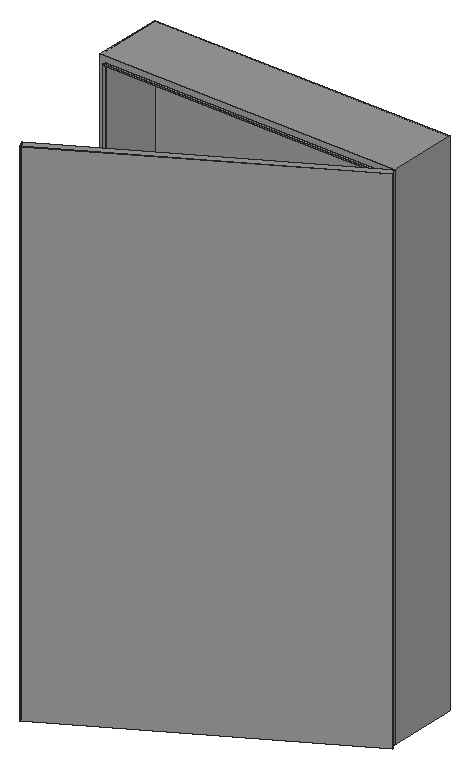
Revit family "Hager-Univers-IP54-D205-H1400-Cl.I-Encl-NoHosted-AT-de", category Equipement électrique, Revit 2020
Family settings
  Configuration du panneau = Deux colonnes, circuits au sein
  Cote de connecteur circulaire = Utiliser le diamètre
  Type d'élément = Tableau de raccordement
  Basée sur le plan de construction = Oui
  Toujours verticalement = Oui
  Couper avec des vides une fois chargée = Non
  Partagée = Non
  Point de calcul de pièce = Non
Parameters (values of type "Aufputz IP54 B800 H1400 T205  - FP93TW2")
  Width Control [instance] = if([EF000008 - Breite] > Min Width, [EF000008 - Breite], Min Width)  # 800 mm
  Commentaires du type = [HG000003 - Bereich]  # "Univers"
  Thickness Door [instance] = if([EF009171 - Materialstärke Tür/Deckel] > 3 mm, 3 mm, [EF009171 - Materialstärke Tür/Deckel])  # 1 mm
  Seal Frame Offset [instance] = 17 mm  # constant formula
  Plinth Visibility [instance] = [HG000027 - Sockelhöhe] > 0 mm  # no
  Min Width [instance] = 100 mm  # constant formula
  Min Depth [instance] = (2 * [EF009170 - Materialstärke Gehäuse]) + 1 mm  # 3 mm
  Min Height [instance] = 100 mm  # constant formula
  Internal Frame Depth [instance] = (Door System Depth * 0.5)  # 9 mm
  Panel Name [instance] = ""  # (empty or 0)
  Model = ""
  HG000027 - Sockelhöhe = 0 mm
  HG000026 - Stehend auf dem Boden = no
  HG000024 - Höhe des unteren Teils = 600 mm
  HG000023 - Gehäuse mit doppeltem Querschnitt = no
  HG000016 - 3D-Türsichtbarkeit [instance] = yes
  HG000015 - Sichtbarkeit der Türöffnung [instance] = no
  HG000014 - Tür rechts [instance] = yes
  HG000013 - Tür links [instance] = not([HG000014 - Tür rechts])  # no
  HG000012 - Türschwenkwinkel [instance] = 30.00°
  HG000010 - Asymmetrische Türen = no
  HG000009 - Doppelflügeligen Tür = no
  HG000006 - Unterputz = no
  HG000004 - Herstellerreferenz = "FP93TW2"
  HG000003 - Bereich = "Univers"
  HG000002 - Mit tür = yes
  Frame Offset Bottom [instance] = 10 mm  # constant formula
  Frame Offset [instance] = 15 mm  # constant formula
  EF015940 - Deckel mit Überdruckentlastung = no
  EF011959 - Schutzart (NEMA) = ""
  EF009554 - Anzahl der Öffnungen für Flanschplatten = 6
  EF009212 - Ausführung Deckel = "EV000116 - geschlossen"
  EF009171 - Materialstärke Tür/Deckel = 1 mm
  EF009170 - Materialstärke Gehäuse = 1 mm
  EF008873 - Nennstrom (In) = 250 A
  EF007800 - Geeignet für Blitzschutz = no
  EF006306 - Mit Schloss = no
  EF006244 - Transparenter Deckel/Tür = no
  EF005474 - Schutzart (IP) = "EV006419 - IP54"
  EF004464 - Art der Tür = "EV002646 - Einzel"
  EF004427 - Anzahl der Module = 324
  EF004293 - Schlagfestigkeit = "EV006815 - IK09"
  EF003532 - Geeignet für Außengebrauch = no
  EF002950 - Breite in Teilungseinheiten = 36
  EF001613 - Funktionserhalt = "EV000494 - ohne"
  EF001596 - Werkstoff des Gehäuses = "EV000179 - Stahl"
  EF001131 - Innentiefe = 130 mm
  EF001088 - Anbaumöglichkeit = yes
  EF000437 - Anzahl der Leitungseinführungen = 6
  EF000339 - Art der Abdeckung = "EV001012 - Deckel"
  EF000266 - Anzahl der Reihen = 9
  EF000218 - Einbautiefe = 205 mm
  EF000118 - Mit Montageplatte = no
  EF000116 - RAL-Nummer = "9010"
  EF000049 - Tiefe = 205 mm
  EF000040 - Höhe = 1400 mm
  EF000008 - Breite = 800 mm
  EF000007 - Farbe = "EV000202 - weiß"
  EF000003 - Montageart = "EV000384 - Aufputz"
  Door System Leaf Tolerance [instance] = 1.5 mm  # constant formula
  Door System Depth [instance] = 18 mm  # constant formula
  Door Height [instance] = Height Control - [HG000027 - Sockelhöhe]  # 1400 mm
  Description = ""
  Default Elevation = 1219.2 mm
  Connector Offset [instance] = Height Control / 2  # 700 mm
  Fabricant = "Hager"  # constant formula
  Height Control [instance] = if([EF000040 - Höhe] > Min Height, [EF000040 - Höhe], Min Height)  # 1400 mm
  Depth Control [instance] = if([EF000049 - Tiefe] > Min Depth, [EF000049 - Tiefe], Min Depth)  # 205 mm
  Bottom Top Plate Trim [instance] = 1.5 mm  # constant formula
  Plinth height Ctrl [instance] = if([HG000027 - Sockelhöhe] > 0 mm, [HG000027 - Sockelhöhe], 12 mm)  # 12 mm
Types (4, lengths in mm): name | Width Control | HG000009 - Doppelflügeligen Tür | HG000004 - Herstellerreferenz | EF009554 - Anzahl der Öffnungen für Flanschplatten | EF004464 - Art der Tür | EF004427 - Anzahl der Module | EF002950 - Breite in Teilungseinheiten | EF000437 - Anzahl der Leitungseinführungen | EF000008 - Breite
  Aufputz IP54 B1050 H1400 T205  - FP94TW2 | 1050 | no | "FP94TW2" | 8 | "EV003602 - Doppel" | 432 | 48 | 8 | 1050
  Aufputz IP54 B1300 H1400 T205  - FP95TW2 | 1300 | yes | "FP95TW2" | 10 | "EV003602 - Doppel" | 540 | 60 | 10 | 1300
  Aufputz IP54 B300 H1400 T205  - FP91TW2 | 300 | no | "FP91TW2" | 2 | "EV002646 - Einzel" | 108 | 12 | 2 | 300
  Aufputz IP54 B800 H1400 T205  - FP93TW2 | 800 | no | "FP93TW2" | 6 | "EV002646 - Einzel" | 324 | 36 | 6 | 800
Reference planes
  plane 1 "Center (Front/Back)": y = 0
  plane 2: z = 0
  plane 3 "Center (Left/Right)": x = 0
  plane 4: y = 0
  plane 5: y = 0
  plane 6: z = 0
  plane 7: x = -400
  plane 8: x = 400
  plane 9: x = 399
  plane 10: x = -399
  plane 11: z = 0
  plane 12: z = 1
  plane 13: y = -205
  plane 14: y = -1
  plane 15: x = 0
  plane 16: y = -187
  plane 17: y = -204
  plane 18: y = -186
  plane 19: x = -384
  plane 20: x = 384
  plane 21: z = 11
  plane 22: x = -383
  plane 23: x = 383
  plane 24: z = 0
  plane 25: z = 1400
  plane 26: z = 1400
  plane 27: z = 1384
  plane 28: z = 1399
Forms (mm)
  Extrusion 1, solid, material "Hager_Steel_RAL7035_Light_Grey", detail levels medium+fine
    sketch origin (-208.679, -4572, 0) x (-1, 0, 0) y (0, -1, 0)
      loop
        line (191.321, -4385) -> (-608.679, -4385) -> (-608.679, -4572) -> (191.321, -4572) -> (191.321, -4385)
    from 0 to 1400
  Extrusion 2, void
    sketch origin (-350.771, -205, 1219.2) x (1, 0, 0) y (0, 0, 1)
      loop
        line (-48.229, 179.8) -> (-48.229, -1218.2) -> (749.771, -1218.2) -> (749.771, 179.8) -> (-48.229, 179.8)
    from -19 to -204
  Extrusion 3, void
    sketch origin (-290.084, -187, 1219.2) x (1, 0, 0) y (0, 0, 1)
      loop
        line (-93.916, -1208.2) -> (674.084, -1208.2) -> (674.084, 164.8) -> (-93.916, 164.8) -> (-93.916, -1208.2)
    from 0 to -1
  Extrusion 4, solid, material "Hager_Steel_RAL7035_Light_Grey", visible <- "Plinth Visibility", detail levels medium+fine
    sketch origin (0, 0, 0) x (1, 0, 0) y (0, 1, 0)
      loop
        line (-400, 0) -> (-400, -187) -> (400, -187) -> (400, 0) -> (-400, 0)
    from 0 to 12 <- "Plinth height Ctrl"
  Extrusion 5, solid, material "Hager_Steel_RAL7035_Light_Grey", detail levels coarse
    sketch origin (0, 0, 0) x (1, 0, 0) y (0, 1, 0)
      loop
        line (-400, 0) -> (-400, -205) -> (400, -205) -> (400, 0) -> (-400, 0)
    from 0 to 1400 <- "Height Control"
  Sweep 6, void
    path in 3D
      loop
        line (-400, -187, 12) -> (400, -187, 12) -> (400, 0, 12) -> (-400, 0, 12) -> (-400, -187, 12)
    profile origin (-400, -93.5, 12) x (1, 0, 0) y (0, 0, 1)
      loop
        line (0, 0) -> (0, -1.5) -> (1.5, -1.5)
        arc (1.5, -1.5) -> (1.061, -0.439) -> (0, 0) r 1.5
  Extrusion 7, solid, material "Hager_Steel_RAL7035_Light_Grey", detail levels fine
    sketch origin (-400, -187, 0) x (1, 0, 0) y (0, 0, 1)
      loop
        line (16, 11) -> (784, 11) -> (784, 1384) -> (16, 1384) -> (16, 11)
      loop
        line (15, 10) -> (785, 10) -> (785, 1385) -> (15, 1385) -> (15, 10)
    from 0 to 9 <- "Internal Frame Depth"
Cuts and joins
  Extrusion 2, Extrusion 3 cuts Extrusion 1
  Sweep 6 cuts Extrusion 4
Lines and regions (mm)
  Masking region 1
    outline origin (0, 0, 0) x (1, 0, 0) y (0, 1, 0)
      loop
        line (-400, 0) -> (-400, -205) -> (400, -205) -> (400, 0) -> (-400, 0)
  Masking region 2, detail levels coarse
    outline origin (-290.084, -187, 1219.2) x (-1, 0, 0) y (0, 0, 1)
      loop
        line (-690.084, -1219.2) -> (109.916, -1219.2) -> (109.916, 180.8) -> (-690.084, 180.8) -> (-690.084, -1219.2)
  Masking region 3, detail levels coarse
    outline origin (0, 0, 0) x (0, 1, 0) y (0, 0, 1)
      loop
        line (0, 0) -> (0, 1400) -> (-205, 1400) -> (-205, 0) -> (0, 0)
  Masking region 4, visible <- "Plinth Visibility", detail levels medium+fine
    outline origin (0, 0, 0) x (0, 1, 0) y (0, 0, 1)
      loop
        line (-1.5, 12) -> (-185.5, 12)
        arc (-185.5, 12) -> (-185.939, 10.939) -> (-187, 10.5) r 1.5
        line (-187, 10.5) -> (-187, 0) -> (0, 0) -> (0, 10.5)
        arc (0, 10.5) -> (-1.061, 10.939) -> (-1.5, 12) r 1.5
  Masking region 5, detail levels medium+fine
    outline origin (0, 0, 594.038) x (0, 1, 0) y (0, 0, 1)
      loop
        line (0, -594.038) -> (0, 805.962) -> (-187, 805.962) -> (-187, -594.038) -> (0, -594.038)
  Masking region 6, detail levels medium+fine
    outline origin (-359.7, -187, 1211.883) x (-1, 0, 0) y (0, 0, 1)
      loop
        line (-759.7, -1211.883) -> (40.3, -1211.883) -> (40.3, 188.117) -> (-759.7, 188.117) -> (-759.7, -1211.883)
  Masking region 7, visible <- "Plinth Visibility", detail levels medium+fine
    outline origin (-320.334, -187, 1041.368) x (-1, 0, 0) y (0, 0, 1)
      loop
        line (-720.334, -1041.368) -> (79.666, -1041.368) -> (79.666, -1030.868)
        arc (79.666, -1030.868) -> (78.606, -1030.429) -> (78.166, -1029.368) r 1.5
        line (78.166, -1029.368) -> (-718.834, -1029.368)
        arc (-718.834, -1029.368) -> (-719.273, -1030.429) -> (-720.334, -1030.868) r 1.5
        line (-720.334, -1030.868) -> (-720.334, -1041.368)
  sketch lines
    curve 1: line (-400, 0, 12) -> (-400, -187, 12)
    curve 2: line (-400, -187, 12) -> (400, -187, 12)
    curve 3: line (400, 0, 12) -> (-400, 0, 12)
    curve 4: line (400, -187, 12) -> (400, 0, 12)
Dimensions and locks
  locked: plane 1 "Center (Front/Back)" to plane 5
  "EF009170 - Materialstärke Gehäuse": plane 7 to plane 10
  "EF009170 - Materialstärke Gehäuse": plane 8 to plane 9
  equal spacing: plane 7, plane 3 "Center (Left/Right)", plane 8
  "Width Control": plane 7 to plane 8
  "Depth Control": plane 4 to plane 13
  "EF009170 - Materialstärke Gehäuse": plane 4 to plane 14
  "Height Control": plane 25 to level
  "HG000027 - Sockelhöhe": plane 11 to level
  "EF009170 - Materialstärke Gehäuse": plane 12 to plane 11
  "EF009170 - Materialstärke Gehäuse": plane 17 to plane 13
  "EF009170 - Materialstärke Gehäuse": plane 18 to plane 16
  "Frame Offset Bottom": plane 21 to plane 12
  "Frame Offset": plane 10 to plane 19
  "Frame Offset": plane 9 to plane 20
  "Door System Depth": plane 16 to plane 13
  "Seal Frame Offset": plane 7 to plane 22
  "Seal Frame Offset": plane 8 to plane 23
  "EF009170 - Materialstärke Gehäuse": plane 26 to plane 28
  "Frame Offset": plane 28 to plane 27
  "Connector Offset": plane 2 to connector elem
  "Bottom Top Plate Trim": profile plane to Sweep 6 sketch curve
  "Bottom Top Plate Trim": Sweep 6 sketch curve to Sweep 6 sketch curve
  "Plinth height Ctrl": Masking region 4 sketch curve to level
  "Plinth height Ctrl": Masking region 7 sketch curve to level
  "Thickness Door": Extrusion 7 sketch curve to Extrusion 7 sketch curve  (x4)
  "Bottom Top Plate Trim": radius of Sweep 6 sketch curve
  "Bottom Top Plate Trim": radius of Masking region 4 sketch curve  (x2)
  "Bottom Top Plate Trim": radius of Masking region 7 sketch curve  (x2)
  aligned and locked: Extrusion 2 sketch curve to plane 12
  aligned and locked: Extrusion 2 sketch curve to plane 9
  aligned and locked: Extrusion 2 sketch curve to plane 10
  aligned and locked: Extrusion 2 to plane 14
  aligned and locked: Extrusion 1 sketch curve to plane 4
  aligned and locked: plane 8 to Extrusion 1 sketch curve
  aligned and locked: plane 7 to Extrusion 1 sketch curve
  aligned and locked: Extrusion 2 to plane 18
  aligned and locked: Extrusion 3 sketch curve to plane 19
  aligned and locked: plane 20 to Extrusion 3 sketch curve
  aligned and locked: Extrusion 3 to Extrusion 2
  aligned and locked: Extrusion 3 sketch curve to plane 21
  aligned and locked: plane 3 "Center (Left/Right)" to nested 1
  aligned and locked: Extrusion 1 sketch curve to plane 16
  aligned and locked: Extrusion 4 sketch curve to cut or joined group of Extrusion 1, Extrusion 2, Extrusion 3
  aligned and locked: Masking region 1 sketch curve to plane 7
  aligned and locked: Masking region 1 sketch curve to plane 5
  aligned and locked: Masking region 1 sketch curve to plane 8
  aligned and locked: Masking region 2 sketch curve to level
  aligned and locked: level to Masking region 3 sketch curve
  aligned and locked: plane 1 "Center (Front/Back)" to Masking region 3 sketch curve
  aligned and locked: plane 13 to Masking region 3 sketch curve
  aligned and locked: plane 5 to Masking region 4 sketch curve
  aligned and locked: Masking region 2 sketch curve to plane 8
  aligned and locked: Masking region 2 sketch curve to plane 7
  aligned and locked: plane 7 to nested 2
  aligned and locked: nested 2 to plane 5
  aligned and locked: plane 5 to Masking region 5 sketch curve
  aligned and locked: plane 26 to Masking region 5 sketch curve
  aligned and locked: Extrusion 5 sketch curve to plane 8
  aligned and locked: Extrusion 5 sketch curve to plane 7
  aligned and locked: Extrusion 5 sketch curve to plane 5
  aligned and locked: Extrusion 3 sketch curve to plane 27
  aligned and locked: Extrusion 2 sketch curve to plane 28
  aligned and locked: Masking region 2 to plane 25
  aligned and locked: Extrusion 4 to plane 16
  aligned and locked: profile plane to Sweep 6 sketch curve
  aligned and locked: Masking region 5 sketch curve to plane 24
  aligned and locked: level to Masking region 4 sketch curve
  aligned and locked: Masking region 1 to plane 13
  aligned and locked: nested 1 to plane 16
  aligned and locked: Masking region 3 to plane 25
  aligned and locked: plane 16 to Masking region 4 sketch curve
  aligned and locked: Masking region 5 sketch curve to plane 16
  aligned and locked: plane 24 to plane 11
  aligned and locked: plane 26 to plane 25
  aligned and locked: plane 26 to cut or joined group of Extrusion 1, Extrusion 2, Extrusion 3
  aligned and locked: nested 1 to plane 24
  aligned and locked: Extrusion 1 to Extrusion 3
  aligned and locked: Masking region 6 sketch curve to plane 8
  aligned and locked: Masking region 6 sketch curve to plane 24
  aligned and locked: Masking region 6 sketch curve to plane 7
  aligned and locked: Masking region 6 sketch curve to plane 26
  aligned and locked: Masking region 7 sketch curve to plane 7
  aligned and locked: level to Masking region 7 sketch curve
  aligned and locked: Masking region 7 sketch curve to plane 8
  aligned and locked: Extrusion 7 sketch curve to cut or joined group of Extrusion 1, Extrusion 2, Extrusion 3  (x4)
Automatic sketch dimensions
  plane 19 to Extrusion 3 sketch curve = 0 mm
  Extrusion 3 sketch curve to plane 20 = 0 mm
  Extrusion 3 sketch curve to plane 21 = 0 mm
  Extrusion 4 sketch curve to plane 7 = 0 mm
  Extrusion 4 sketch curve to plane 8 = 0 mm
  Extrusion 4 sketch curve to plane 16 = 0 mm
  Masking region 1 sketch curve to plane 13 = 0 mm
  Masking region 2 sketch curve to plane 25 = 0 mm
  Masking region 3 sketch curve to plane 25 = 0 mm
  Extrusion 5 sketch curve to plane 13 = 0 mm
  profile plane to Sweep 6 sketch curve = 0 mm
Nested families
  nested 1: "EC000058_Univers_Door" at (0, -187, 0), Double <- "HG000009 - Doppelflügeligen Tür", Transparent <- "EF006244 - Transparenter Deckel/Tür", Angle <- "HG000012 - Türschwenkwinkel", Door_Right <- "HG000014 - Tür rechts", Assymetrical <- "HG000010 - Asymmetrische Türen", Door <- "HG000002 - Mit tür", Width_Ctrl <- "Width Control", 3d_Door <- "HG000016 - 3D-Türsichtbarkeit", Clearance <- "HG000015 - Sichtbarkeit der Türöffnung", Door_Left <- "HG000013 - Tür links", Width <- "Width Control", Door_Depth <- "Door System Depth", Leaf_Tolerance <- "Door System Leaf Tolerance", Height <- "Door Height", Lock_Visibility <- "EF006306 - Mit Schloss", Thickness <- "Thickness Door", type "EC000058_Univers_Door", detail levels medium+fine
    with min_wh 3 mm, Width_Ctrl 800 mm, Width 800 mm, Transparent no, Thickness 1 mm, Seal_Material Hager_Rubber, Lock_Visibility no, Lock_Material Hager_Plastic_RAL9005_Jet_Black, Leaf_Width 800 mm, Leaf_Tolerance_External_Sides 0 mm, Leaf_Tolerance 1.5 mm, Leaf_Offset 0 mm, Leaf_Height 1397 mm, Leaf_2_Width 800 mm, Leaf_2_Offset 400 mm, Leaf_1_Width 800 mm, Leaf_1_Offset 400 mm, Height_Ctrl 1400 mm, Height 1400 mm, Glass_Material Hager_Glass, Double_Clearance_Ctrl no, Double no, Door_Right_Ctrl yes, Door_Right yes, Door_Material Hager_Steel_RAL7035_Light_Grey, Door_Left_Ctrl no, Door_Left no, Door_Depth 18 mm, Door yes, Clearance_Material Hager_Clearance, Clearance_Depth 800 mm, Clearance_Ctrl no, Clearance no, Assymetrical no, Angle 30.00°, 3d_Door yes
  nested 2: "Hager_Enclosure_Symbol" at (-400, 0, 0), Height <- "Depth Control", Width <- "Width Control", type "Hager_Enclosure_Symbol"
    with Width_Ctrl 800 mm, Width 800 mm, Height_Ctrl 205 mm, Height 205 mm, A_Width_Int 13.453 mm, A_Width 161.438 mm, A_Height_Ctrl 179.375 mm, A_Height 179.375 mm
Connectors
  electrical at (0, 0, 700)
    settings: on plane 1 "Center (Front/Back)", index 1, voltage 0 V, apparent load 0 VA, apparent load phase1 0 VA, apparent load phase2 0 VA, apparent load phase3 0 VA, power factor 1, load classification "Other", number of poles 1, system type 30, power factor state 1, is connector primary yes, connector utility no, sub classification motor no, connector description ""
Definition of nested family "EC000058_Univers_Door"
  Parameters (values of type "EC000058_Univers_Door")
    min_wh [instance] = (2 * Thickness) + 1 mm  # 11 mm
    Width_Ctrl [instance] = 400 mm
    Width [instance] = 500 mm
    Transparent [instance] = yes
    Thickness [instance] = 5 mm
    Seal_Material [instance] = none
    Lock_Visibility [instance] = yes
    Lock_Material [instance] = none
    Leaf_Width [instance] = if((Width_Ctrl - 2 * Leaf_Tolerance_External_Sides) > 0 mm, (Width_Ctrl - 2 * Leaf_Tolerance_External_Sides), min_wh)  # 400 mm
    Leaf_Tolerance_External_Sides [instance] = 0 mm  # constant formula
    Leaf_Tolerance [instance] = 1.5 mm
    Leaf_Offset [instance] = 0 mm  # constant formula
    Leaf_Height [instance] = if((Height_Ctrl - 2 * Leaf_Tolerance) > 0 mm, (Height_Ctrl - 2 * Leaf_Tolerance), min_wh)  # 497 mm
    Leaf_2_Width [instance] = if(and(and(Double, Assymetrical), Door_Left), (Leaf_Width / 3) - (Leaf_Tolerance / 2), if(and(and(Double, Assymetrical), Door_Right), (Leaf_Width / 3) * 2 - (Leaf_Tolerance / 2), if(and(Double, not(Assymetrical)), (Leaf_Width / 2) - Leaf_Tolerance, Leaf_Width)))  # 400 mm
    Leaf_2_Offset [instance] = if(and(Double, Assymetrical), Leaf_2_Width / 2, if(and(Double, not(Assymetrical)), Leaf_Width / 4, Leaf_Width / 2))  # 200 mm
    Leaf_1_Width [instance] = if(and(and(Double, Assymetrical), Door_Right), (Leaf_Width / 3) - (Leaf_Tolerance / 2), if(and(and(Double, Assymetrical), Door_Left), (Width / 3) * 2 - (Leaf_Tolerance / 2), if(and(Double, not(Assymetrical)), (Leaf_Width / 2) - Leaf_Tolerance, Leaf_Width)))  # 400 mm
    Leaf_1_Offset [instance] = if(and(Double, Assymetrical), Leaf_1_Width / 2, if(and(Double, not(Assymetrical)), Leaf_Width / 4, Leaf_Width / 2))  # 200 mm
    Height_Ctrl [instance] = if(Height > min_wh, Height, min_wh)  # 500 mm
    Height [instance] = 500 mm
    Glass_Material [instance] = none
    Double_Clearance_Ctrl [instance] = and(Double, Clearance)  # no
    Double [instance] = no
    Door_Right_Ctrl [instance] = and(or(Door_Right, Double), Door)  # yes
    Door_Right [instance] = yes
    Door_Material [instance] = none
    Door_Left_Ctrl [instance] = and(or(Door_Left, Double), Door)  # no
    Door_Left [instance] = no
    Door_Depth [instance] = 30 mm
    Door [instance] = yes
    Default Elevation = 1219.2 mm
    Clearance_Material [instance] = none
    Clearance_Depth [instance] = if(Leaf_1_Width > Leaf_2_Width, Leaf_1_Width, Leaf_2_Width)  # 400 mm
    Clearance_Ctrl [instance] = and(not(Double), Clearance)  # yes
    Clearance [instance] = yes
    Assymetrical [instance] = yes
    Angle [instance] = 30.00°
    3d_Door [instance] = yes
  Reference planes
    plane 1 "Center (Front/Back)": y = 0
    plane 2 "Bottom": z = 0
    plane 3 "Center (Left/Right)": x = 0
    plane 4: z = 500
    plane 5: x = -200
    plane 6: x = 200
    plane 7: z = 500
    plane 8: x = -200
    plane 9: z = 0
    plane 10: x = 200
    plane 11: y = 0
    plane 12: z = 1.5
    plane 13: x = -600
    plane 14: y = -400
    plane 15: x = 600
    plane 16: x = 0
    plane 17: x = 0
    plane 18: x = -200
    plane 19: x = 200
    plane 20: z = 498.5
  Forms (mm)
    Extrusion 1, solid, material <- "Clearance_Material", visible <- "Double_Clearance_Ctrl"
      sketch origin (1200, 0, 0) x (1, 0, 0) y (0, 0, -1)
        loop
          line (-1800, -498.5) -> (-600, -498.5) -> (-600, 0) -> (-1800, 0) -> (-1800, -498.5)
      from 0 to -400
  Dimensions and locks
    equal spacing: plane 5, plane 3 "Center (Left/Right)", plane 6
    "Width_Ctrl": plane 5 to plane 6
    "Leaf_Offset": plane 5 to plane 8
    "Leaf_Offset": plane 6 to plane 10
    "Leaf_Offset": plane 9 to level
    "Leaf_Offset": plane 4 to plane 7
    "Height_Ctrl": plane 4 to level
    "Leaf_Tolerance": plane 12 to plane 9
    locked: plane 11 to plane 1 "Center (Front/Back)"
    "Leaf_1_Offset": plane 18 to plane 16
    "Leaf_2_Offset": plane 17 to plane 19
    "Leaf_1_Width": plane 13 to plane 8
    "Leaf_2_Width": plane 10 to plane 15
    "Clearance_Depth": plane 14 to plane 1 "Center (Front/Back)"
    "Leaf_Tolerance_External_Sides": plane 8 to plane 18
    "Leaf_Tolerance_External_Sides": plane 19 to plane 10
    "Leaf_Tolerance": plane 7 to plane 20
    aligned and locked: level to plane 2 "Bottom"
    aligned and locked: nested 1 to plane 16
    aligned and locked: nested 2 to plane 17
    aligned and locked: Extrusion 1 to plane 13
    aligned and locked: plane 15 to Extrusion 1
    aligned and locked: Extrusion 1 to plane 14
    aligned and locked: plane 12 to nested 1
    aligned and locked: nested 2 to plane 12
    aligned and locked: Extrusion 1 to plane 11
    aligned and locked: plane 20 to Extrusion 1
    aligned and locked: nested 2 to plane 11
    aligned and locked: nested 1 to plane 11
  Automatic sketch dimensions
    Extrusion 1 sketch curve to level = 0 mm
    plane 5 to Extrusion 1 sketch curve = 400 mm
    plane 6 to Extrusion 1 sketch curve = 400 mm
    Extrusion 1 sketch curve to plane 4 = 1.5 mm
  Nested families
    nested 1: "EC000058_Univers_Door_Leaf" at (0, 0, 1.5), Width <- "Leaf_1_Width", visible <- "Door_Left_Ctrl", Leaf_Height <- "Leaf_Height", Angle <- "Angle", 3d_Door <- "3d_Door", Transparent <- "Transparent", Clearance Material <- "Clearance_Material", Clearance <- "Clearance_Ctrl", Door_Material <- "Door_Material", Glass_Material <- "Glass_Material", Door_Depth <- "Door_Depth", Lock_Material <- "Lock_Material", Seal_Material <- "Seal_Material", Lock_Visibility <- "Lock_Visibility", Thickness <- "Thickness", type "EC000058_Univers_Door_Leaf"
      with Width 400 mm, Transparent_Glass_Offset 30 mm, Transparent_Ctrl yes, Transparent yes, Thickness 5 mm, Standard no, Seal_Material none, Seal_D2 8 mm, Seal_D1 1 mm, Offset_Internal_Frame 10 mm, Lock_Width 20 mm, Lock_Visibility_3d yes, Lock_Visibility yes, Lock_Thickness_3 3 mm, Lock_Thickness_2 1 mm, Lock_Thickness_1 3 mm, Lock_Radius_Offset_2 16 mm, Lock_Radius_Offset_1 15 mm, Lock_Radius_2 5 mm, Lock_Radius 6 mm, Lock_Offset 5 mm, Lock_Material none, Lock_Height 80 mm, Lock_Cover_Top_Offset_2d 17 mm, Lock_Cover_Height -65 mm, Leaf_Height 497 mm, Internal_Seal_Thickness 8 mm, Internal_Seal_Depth_2 4.5 mm, Internal_Frame_Depth 25 mm, Glass_Thickness -1 mm, Glass_Offset -2 mm, Glass_Material none, Door_Material none, Door_Depth 30 mm, Clearance Material none, Clearance yes, Angle_Ctrl 30.00°, Angle 30.00°, 3d_Door yes
    nested 2: "EC000058_Univers_Door_Leaf" at (0, 0, 1.5) x (-1, 0, 0) z (0, 0, 1), Width <- "Leaf_2_Width", visible <- "Door_Right_Ctrl", Leaf_Height <- "Leaf_Height", Angle <- "Angle", 3d_Door <- "3d_Door", Transparent <- "Transparent", Clearance Material <- "Clearance_Material", Clearance <- "Clearance_Ctrl", Door_Material <- "Door_Material", Glass_Material <- "Glass_Material", Door_Depth <- "Door_Depth", Lock_Material <- "Lock_Material", Seal_Material <- "Seal_Material", Lock_Visibility <- "Lock_Visibility", Thickness <- "Thickness", type "EC000058_Univers_Door_Leaf"
      with Width 400 mm, Transparent_Glass_Offset 30 mm, Transparent_Ctrl yes, Transparent yes, Thickness 5 mm, Standard no, Seal_Material none, Seal_D2 8 mm, Seal_D1 1 mm, Offset_Internal_Frame 10 mm, Lock_Width 20 mm, Lock_Visibility_3d yes, Lock_Visibility yes, Lock_Thickness_3 3 mm, Lock_Thickness_2 1 mm, Lock_Thickness_1 3 mm, Lock_Radius_Offset_2 16 mm, Lock_Radius_Offset_1 15 mm, Lock_Radius_2 5 mm, Lock_Radius 6 mm, Lock_Offset 5 mm, Lock_Material none, Lock_Height 80 mm, Lock_Cover_Top_Offset_2d 17 mm, Lock_Cover_Height -65 mm, Leaf_Height 497 mm, Internal_Seal_Thickness 8 mm, Internal_Seal_Depth_2 4.5 mm, Internal_Frame_Depth 25 mm, Glass_Thickness -1 mm, Glass_Offset -2 mm, Glass_Material none, Door_Material none, Door_Depth 30 mm, Clearance Material none, Clearance yes, Angle_Ctrl 30.00°, Angle 30.00°, 3d_Door yes
  Definition of nested family "EC000058_Univers_Door_Leaf"
    Parameters (values of type "EC000058_Univers_Door_Leaf")
      Width [instance] = 2000 mm
      Transparent_Glass_Offset [instance] = 30 mm
      Transparent_Ctrl [instance] = and(Transparent, [3d_Door])  # yes
      Transparent [instance] = yes
      Thickness [instance] = 5 mm
      Standard [instance] = and(not(Transparent), [3d_Door])  # no
      Seal_Material [instance] = none
      Seal_D2 [instance] = 8 mm  # constant formula
      Seal_D1 [instance] = 1 mm  # constant formula
      Offset_Internal_Frame [instance] = 10 mm  # constant formula
      Lock_Width [instance] = 20 mm  # constant formula
      Lock_Visibility_3d [instance] = and(Lock_Visibility, [3d_Door])  # yes
      Lock_Visibility [instance] = yes
      Lock_Thickness_3 [instance] = 3 mm  # constant formula
      Lock_Thickness_2 [instance] = 1 mm  # constant formula
      Lock_Thickness_1 [instance] = 3 mm  # constant formula
      Lock_Radius_Offset_2 [instance] = Lock_Radius_Offset_1 + 1 mm  # 16 mm
      Lock_Radius_Offset_1 [instance] = 15 mm  # constant formula
      Lock_Radius_2 [instance] = Lock_Radius - 1 mm  # 5 mm
      Lock_Radius [instance] = 6 mm  # constant formula
      Lock_Offset [instance] = 5 mm  # constant formula
      Lock_Material [instance] = none
      Lock_Height [instance] = 80 mm  # constant formula
      Lock_Cover_Top_Offset_2d [instance] = Lock_Radius_Offset_2 + 1 mm  # 17 mm
      Lock_Cover_Height [instance] = -(Lock_Height - Lock_Radius_Offset_1)  # -65 mm
      Leaf_Height [instance] = 2720.336 mm
      Internal_Seal_Thickness [instance] = 8 mm  # constant formula
      Internal_Seal_Depth_2 [instance] = 4.5 mm  # constant formula
      Internal_Frame_Depth [instance] = if(Door_Depth - Thickness > 5 mm, Door_Depth - Thickness, 5 mm)  # 25 mm
      Glass_Thickness [instance] = if(Thickness > 15 mm, Glass_Offset + 10 mm, -1 mm)  # -1 mm
      Glass_Offset [instance] = if(Thickness > 15 mm, -(Thickness + 10 mm) / 2, -2 mm)  # -2 mm
      Glass_Material [instance] = none
      Door_Material [instance] = none
      Door_Depth [instance] = 30 mm
      Default Elevation = 0 mm
      Clearance Material [instance] = none
      Clearance [instance] = yes
      Angle_Ctrl [instance] = if(Angle > 180.00°, 180.00°, Angle)  # 90.00°
      Angle [instance] = 90.00°
      3d_Door [instance] = yes
    Reference planes
      plane 1 "Center (Front/Back)": y = 0
      plane 2: z = 0
      plane 3 "Center (Left/Right)": x = 0
      plane 4: y = 2000
      plane 5: x = -1000
      plane 6: x = 1000
      plane 7: x = -3000
      plane 8: z = 2720.336
      plane 9: z = 30
      plane 10: z = 2690.336
      plane 11: x = 970
      plane 12: x = -970
      plane 13: y = -3
      plane 14: z = 107.833
      plane 15: y = -5
      plane 16: y = -223.314
      plane 17: x = -1000
      plane 18: z = 1360.168
      plane 19: y = 30
    Forms (mm)
      Extrusion 1, solid, material <- "Clearance Material", visible <- "Clearance"
        sketch origin (0, 0, 0) x (1, 0, 0) y (0, 0, 1)
          loop
            line (-3000, 2720.336) -> (-3000, 0) -> (1000, 0) -> (1000, 2720.336) -> (-3000, 2720.336)
        from 0 to -2000
      Extrusion 2, solid, material <- "Door_Material", visible <- "Standard", detail levels medium+fine
        sketch origin (-1000, 0, 0) x (0, 1, 0) y (-1, 0, 0)
          loop
            line (0, 30) -> (0, 25) -> (2000, 25) -> (2000, 30) -> (0, 30)
        from 0 to 2720.336 <- "Leaf_Height"
      Extrusion 3, solid, material <- "Door_Material", visible <- "Transparent_Ctrl", detail levels medium+fine
        sketch origin (-1000, 0, 0) x (0, 1, 0) y (-1, 0, 0)
          loop
            line (0, 25) -> (2000, 25) -> (2000, 30) -> (0, 30) -> (0, 25)
        from 0 to 2720.336 <- "Leaf_Height"
      Extrusion 4, void
        sketch origin (-1025, 2000, 0) x (0, 1, 0) y (0, 0, -1)
          loop
            line (-30, -2690.336) -> (-30, -30) -> (-1970, -30) -> (-1970, -2690.336) -> (-30, -2690.336)
        from 0 to 5 <- "Thickness"
      Sweep 5, solid, material <- "Seal_Material", visible <- "Transparent_Ctrl", detail levels fine
        path in 3D
          loop
            line (-1025, 30, 30) -> (-1025, 30, 2690.336) -> (-1025, 1970, 2690.336) -> (-1025, 1970, 30) -> (-1025, 30, 30)
        profile origin (-1025, 1000, 30) x (1, 0, 0) y (0, 0, 1)
          loop
            line (0, 0) -> (0, -8) -> (1, -8) -> (1, 0) -> (0, 0)
      Extrusion 6, solid, material <- "Glass_Material", visible <- "Transparent_Ctrl", detail levels medium+fine
        sketch origin (-1030, 0, 0) x (0, 1, 0) y (0, 0, -1)
          loop
            line (1970, -2690.336) -> (1970, -30) -> (30, -30) -> (30, -2690.336) -> (1970, -2690.336)
        from -2 <- "Glass_Offset" to -1 <- "Glass_Thickness"
      Extrusion 7, solid, material <- "Door_Material", visible <- "3d_Door", detail levels medium+fine
        sketch origin (-1025, 2000, 0) x (0, -1, 0) y (0, 0, -1)
          loop
            line (0, -2720.336) -> (2000, -2720.336) -> (2000, 0) -> (0, 0) -> (0, -2720.336)
          loop
            line (1995, -5) -> (5, -5) -> (5, -2715.336) -> (1995, -2715.336) -> (1995, -5)
        from 0 to 25 <- "Internal_Frame_Depth"
      Sweep 8, solid, material <- "Seal_Material", visible <- "Transparent_Ctrl", detail levels fine
        path in 3D
          loop
            line (-1025, 0, 0) -> (-1025, 2000, 0) -> (-1025, 2000, 2720.336) -> (-1025, 0, 2720.336) -> (-1025, 0, 0)
        profile origin (-1025, 0, 1360.168) x (1, 0, 0) y (0, 1, 0)
          loop
            line (0, 10) -> (2.975, 10)
            arc (2.975, 10) -> (4.053, 10.447) -> (4.5, 11.525) r 1.525
            line (4.5, 11.525) -> (4.5, 16.527)
            arc (4.5, 16.527) -> (4.069, 17.569) -> (3.027, 18) r 1.473
            line (3.027, 18) -> (0, 18) -> (0, 10)
      Extrusion 9, solid, material <- "Lock_Material", visible <- "Lock_Visibility_3d", detail levels fine
        sketch origin (-1030, 0, 0) x (0, 1, 0) y (0, 0, -1)
          loop
            arc (1993.5, -1400.168) -> (1994.561, -1399.729) -> (1995, -1398.668) r 1.5
            line (1995, -1398.668) -> (1995, -1320.168) -> (1975, -1320.168) -> (1975, -1398.668)
            arc (1975, -1398.668) -> (1975.439, -1399.729) -> (1976.5, -1400.168) r 1.5
            line (1976.5, -1400.168) -> (1993.5, -1400.168)
        from 3 <- "Lock_Thickness_1" to 0
      Blend 10, solid, material <- "Lock_Material", visible <- "Lock_Visibility_3d", detail levels fine
        base sketch origin (-1033, 0, 0) x (0, 1, 0) y (0, 0, -1)
          loop
            line (1975, -1320.168) -> (1975, -1398.668)
            arc (1975, -1398.668) -> (1975.439, -1399.729) -> (1976.5, -1400.168) r 1.5
            line (1976.5, -1400.168) -> (1993.5, -1400.168)
            arc (1993.5, -1400.168) -> (1994.561, -1399.729) -> (1995, -1398.668) r 1.5
            line (1995, -1398.668) -> (1995, -1320.168) -> (1975, -1320.168)
        top sketch origin (-1033, 0, 0) x (0, 1, 0) y (0, 0, -1)
          loop
            line (1976, -1320.168) -> (1976, -1398.668)
            arc (1976, -1398.668) -> (1976.146, -1399.022) -> (1976.5, -1399.168) r 0.5
            line (1976.5, -1399.168) -> (1993.5, -1399.168)
            arc (1993.5, -1399.168) -> (1993.854, -1399.022) -> (1994, -1398.668) r 0.5
            line (1994, -1398.668) -> (1994, -1320.168) -> (1976, -1320.168)
        from 0 to 1 <- "Lock_Thickness_2"
      Blend 11, solid, material <- "Lock_Material", visible <- "Lock_Visibility_3d", detail levels fine
        base sketch origin (-1034, 0, 0) x (0, 1, 0) y (0, 0, -1)
          loop
            line (1978, -1320.168) -> (1978, -1384.168)
            arc (1978, -1384.168) -> (1985, -1391.168) -> (1992, -1384.168) r 7
            line (1992, -1384.168) -> (1992, -1320.168) -> (1978, -1320.168)
        top sketch origin (-1034, 0, 0) x (0, 1, 0) y (0, 0, -1)
          loop
            line (1991, -1320.168) -> (1979, -1320.168) -> (1979, -1383.168)
            arc (1979, -1383.168) -> (1985, -1389.168) -> (1991, -1383.168) r 6
            line (1991, -1383.168) -> (1991, -1320.168)
        from 0 to 3 <- "Lock_Thickness_3"
      Extrusion 12, solid, material <- "Lock_Material", visible <- "Lock_Visibility_3d", detail levels fine
        sketch origin (-1030, 1975, 1320.168) x (1, 0, 0) y (0, -1, 0)
          loop
            line (-7, -19) -> (-7, -1) -> (0, -1) -> (0, 0) -> (-8, 0) -> (-8, -20) -> (0, -20) -> (0, -19) -> (-7, -19)
        from 0 to -65 <- "Lock_Cover_Height"
      Extrusion 13, void
        sketch origin (-1038, 1995, 1320.168) x (-1, 0, 0) y (0, 0, -1)
          loop
            line (-5, -65) -> (0, -65) -> (-5, -60) -> (-5, -65)
        from 0 to 20 <- "Lock_Width"
      Extrusion 14, void
        sketch origin (-1038, 1975, 1320.168) x (0, -1, 0) y (0, 0, -1)
          loop
            circle (-10, -15.995) r 6
          loop
            circle (-10, -15.995) r 5
        from 0 to 2
      Extrusion 15, solid, material <- "Lock_Material", visible <- "Lock_Visibility_3d", detail levels medium
        sketch origin (-1030, 0, 0) x (0, 1, 0) y (0, 0, -1)
          loop
            arc (1993.5, -1400.168) -> (1994.561, -1399.729) -> (1995, -1398.668) r 1.5
            line (1995, -1398.668) -> (1995, -1320.168) -> (1975, -1320.168) -> (1975, -1398.668)
            arc (1975, -1398.668) -> (1975.439, -1399.729) -> (1976.5, -1400.168) r 1.5
            line (1976.5, -1400.168) -> (1993.5, -1400.168)
        from 8 to 0
    Cuts and joins
      Extrusion 4 cuts Extrusion 3
      Extrusion 13, Extrusion 14 cuts Extrusion 9
      Extrusion 14 cuts Blend 11
      Extrusion 13, Extrusion 14 cuts Extrusion 12
      joined: Extrusion 9, Blend 10, Blend 11, Extrusion 12
      Extrusion 14 cuts Extrusion 15
    Lines and regions (mm)
      Masking region 1, visible <- "Lock_Visibility", detail levels fine
        outline origin (0, 0, 0) x (0, 1, 0) y (0, 0, 1)
          loop
            line (30, 1320.168) -> (33, 1320.168) -> (33, 1400.168) -> (30, 1400.168) -> (30, 1320.168)
      Masking region 2, visible <- "Lock_Visibility", detail levels fine
        outline origin (0, 3.143, 0) x (0, 1, 0) y (0, 0, 1)
          loop
            line (29.857, 1354.168) -> (30.857, 1354.168) -> (30.857, 1366.168) -> (29.857, 1366.168) -> (29.857, 1354.168)
      Masking region 3, detail levels medium+fine
        outline origin (0, 0, 0) x (0, 1, 0) y (0, 0, 1)
          loop
            line (0, 0) -> (30, 0) -> (30, 2720.336) -> (0, 2720.336) -> (0, 0)
      Masking region 4, detail levels medium+fine
        outline origin (0, 0, 0) x (1, 0, 0) y (0, 0, 1)
          loop
            line (-1000, 2720.336) -> (-1000, 0) -> (1000, 0) -> (1000, 2720.336) -> (-1000, 2720.336)
      Masking region 5, visible <- "Lock_Visibility", detail levels fine
        outline origin (-47.116, 0, 0) x (1, 0, 0) y (0, 0, 1)
          loop
            arc (1024.616, 1399.168) -> (1023.556, 1398.729) -> (1023.116, 1397.668) r 1.5
            line (1023.116, 1397.668) -> (1023.116, 1320.168) -> (1041.116, 1320.168) -> (1041.116, 1397.668)
            arc (1041.116, 1397.668) -> (1040.677, 1398.729) -> (1039.616, 1399.168) r 1.5
            line (1039.616, 1399.168) -> (1024.616, 1399.168)
      Masking region 6, visible <- "Lock_Visibility", detail levels medium+fine
        outline origin (-25, 0, 0) x (1, 0, 0) y (0, 0, 1)
          loop
            arc (1001.5, 1400.168) -> (1000.439, 1399.729) -> (1000, 1398.668) r 1.5
            line (1000, 1398.668) -> (1000, 1320.168) -> (1020, 1320.168) -> (1020, 1398.668)
            arc (1020, 1398.668) -> (1019.561, 1399.729) -> (1018.5, 1400.168) r 1.5
            line (1018.5, 1400.168) -> (1001.5, 1400.168)
      Masking region 7, visible <- "Lock_Visibility", detail levels fine
        outline origin (-73.735, 0, 0) x (1, 0, 0) y (0, 0, 1)
          loop
            line (1051.735, 1382.168) -> (1065.735, 1382.168) -> (1065.735, 1384.168)
            arc (1065.735, 1384.168) -> (1058.735, 1391.168) -> (1051.735, 1384.168) r 7
            line (1051.735, 1384.168) -> (1051.735, 1382.168)
      Masking region 8, visible <- "Lock_Visibility", detail levels fine
        outline origin (-73.735, 0, 0) x (1, 0, 0) y (0, 0, 1)
          loop
            line (1052.735, 1382.168) -> (1064.735, 1382.168) -> (1064.735, 1383.168)
            arc (1064.735, 1383.168) -> (1058.735, 1389.168) -> (1052.735, 1383.168) r 6
            line (1052.735, 1383.168) -> (1052.735, 1382.168)
      Masking region 9, visible <- "Lock_Visibility", detail levels fine
        outline origin (-25, 0, 0) x (1, 0, 0) y (0, 0, 1)
          loop
            line (1020, 1320.168) -> (1020, 1382.168) -> (1000, 1382.168) -> (1000, 1320.168) -> (1020, 1320.168)
      Masking region 10, detail levels medium+fine
        outline origin (0, 0, 0) x (1, 0, 0) y (0, 0, 1)
          loop
            circle (985, 1335.144) r 6
      Masking region 11, detail levels fine
        outline origin (0, 0, 0) x (1, 0, 0) y (0, 0, 1)
          loop
            circle (985, 1335.144) r 5
      Masking region 12, visible <- "Lock_Visibility", detail levels fine
        outline origin (0, 12.767, 0) x (0, 1, 0) y (0, 0, 1)
          loop
            line (20.233, 1320.168) -> (21.233, 1320.168) -> (21.233, 1399.168) -> (20.233, 1400.168) -> (20.233, 1320.168)
      Masking region 13, visible <- "Lock_Visibility", detail levels fine
        outline origin (0, 13.767, -10) x (0, 1, 0) y (0, 0, 1)
          loop
            line (20.233, 1330.168) -> (23.233, 1330.168) -> (23.233, 1399.168) -> (20.233, 1402.168) -> (20.233, 1330.168)
      Masking region 14, visible <- "Lock_Visibility", detail levels fine
        outline origin (0, 12.767, -10) x (0, 1, 0) y (0, 0, 1)
          loop
            line (20.233, 1330.168) -> (25.233, 1330.168) -> (25.233, 1399.305) -> (20.233, 1394.305) -> (20.233, 1330.168)
      Masking region 15, visible <- "Lock_Visibility", detail levels medium
        outline origin (0, 0, 0) x (0, 1, 0) y (0, 0, 1)
          loop
            line (30, 1320.168) -> (38, 1320.168) -> (38, 1400.168) -> (30, 1400.168) -> (30, 1320.168)
      Masking region 16, visible <- "Lock_Visibility", detail levels fine
        outline origin (-1000, 0, 0) x (0, 1, 0) y (-1, 0, 0)
          loop
            line (1975, 30) -> (1995, 30) -> (1995, 38) -> (1975, 38) -> (1975, 30)
          loop
            line (1979, 37) -> (1976, 37) -> (1976, 34) -> (1978, 34) -> (1979, 37)
          loop
            line (1994, 37) -> (1991, 37) -> (1992, 34) -> (1994, 34) -> (1994, 37)
      Masking region 17, visible <- "Lock_Visibility", detail levels medium
        outline origin (-1000, 0, 0) x (0, 1, 0) y (-1, 0, 0)
          loop
            line (1975, 30) -> (1995, 30) -> (1995, 38) -> (1975, 38) -> (1975, 30)
      symbolic lines
        curve 1: line (1000, 0, 0) -> (-3000, 0, 0)
        curve 2: arc (1000, 0, 0) -> (-1000, 2000, 0) -> (-3000, 0, 0) r 2000
        curve 4: line (-1030, 0, 0) -> (-1030, 2000, 0)
      reference lines
        curve 3: line (-1000, 0, 0) -> (-1000, 2000, 0)
      symbolic lines, detail levels medium+fine
        curve 5: line (-1030, 2000, 0) -> (-1025, 2000, 0)
        curve 7: line (-1025, 0, 0) -> (-1030, 0, 0)
        curve 8: line (-1025, 0, 0) -> (-1000, 0, 0)
        curve 9: line (-1000, 0, 0) -> (-1000, 2000, 0)
        curve 10: line (-1000, 2000, 0) -> (-1025, 2000, 0)
      symbolic lines, detail levels fine
        curve 6: line (-1025, 2000, 0) -> (-1025, 0, 0)
      sketch lines
        curve 11: line (-1025, 0, 2720.336) -> (-1025, 0, 0)
        curve 12: line (-1025, 2000, 0) -> (-1025, 0, 0)
        curve 13: line (-1025, 2000, 2720.336) -> (-1025, 2000, 0)
        curve 14: line (-1025, 0, 2720.336) -> (-1025, 2000, 2720.336)
        curve 15: line (-1025, 1970, 30) -> (-1025, 30, 30)
        curve 16: line (-1025, 30, 30) -> (-1025, 30, 2690.336)
        curve 17: line (-1025, 1970, 2690.336) -> (-1025, 1970, 30)
        curve 18: line (-1025, 30, 2690.336) -> (-1025, 1970, 2690.336)
      symbolic lines, visible <- "Transparent", detail levels medium+fine
        curve 19: line (-970, 0, 2690.336) -> (970, 0, 2690.336)
        curve 20: line (-970, 0, 30) -> (-970, 0, 2690.336)
        curve 21: line (970, 0, 30) -> (-970, 0, 30)
        curve 22: line (970, 0, 2690.336) -> (970, 0, 30)
    Dimensions and locks
      "Width": plane 1 "Center (Front/Back)" to plane 4
      equal spacing: plane 5, plane 3 "Center (Left/Right)", plane 6
      "Width": plane 5 to plane 6
      "Width": plane 7 to plane 5
      "Leaf_Height": plane 8 to level
      "Width": curve 5 to curve 3
      "Width": curve 3 to curve 3
      plane 8 to plane 10 = 30 mm
      plane 9 to level = 30 mm
      plane 12 to plane 5 = 30 mm
      plane 6 to plane 11 = 30 mm
      Extrusion 1 to Extrusion 4 sketch curve = 30 mm
      "Transparent_Glass_Offset": curve 3 to Extrusion 4 sketch curve
      "Transparent_Glass_Offset": Extrusion 4 sketch curve to cut or joined group of Extrusion 3, Extrusion 4  (x2)
      cut or joined group of Extrusion 3, Extrusion 4 to Extrusion 6 sketch curve = 30 mm
      "Transparent_Glass_Offset": cut or joined group of Extrusion 3, Extrusion 4 to Extrusion 4 sketch curve
      "Thickness": curve 6 to curve 4
      "Thickness": Extrusion 7 sketch curve to Extrusion 7 sketch curve  (x4)
      "Door_Depth": curve 4 to curve 3
      "Offset_Internal_Frame": profile plane to Sweep 8 sketch curve
      "Internal_Seal_Thickness": Sweep 8 sketch curve to Sweep 8 sketch curve
      "Internal_Seal_Depth_2": profile plane to Sweep 8 sketch curve
      "Seal_D1": profile plane to Sweep 5 sketch curve
      "Seal_D2": profile plane to Sweep 5 sketch curve
      "Thickness": Extrusion 2 sketch curve to Extrusion 2 sketch curve
      equal spacing: Extrusion 9 sketch curve, plane 18, Extrusion 9 sketch curve  (x2)
      equal spacing: Masking region 1 sketch curve, plane 18, Masking region 1 sketch curve
      "Lock_Height": Masking region 1 sketch curve to Masking region 1 sketch curve
      "Lock_Radius": Masking region 2 sketch curve to plane 18 to Masking region 2 sketch curve
      Masking region 2 sketch curve to Masking region 1 = 1 mm
      "Door_Depth": plane 19 to plane 1 "Center (Front/Back)"
      "Lock_Thickness_1": Masking region 1 sketch curve to plane 19
      "Lock_Width": Extrusion 9 sketch curve to Extrusion 9 sketch curve
      "Lock_Height": Extrusion 9 sketch curve to Extrusion 9 sketch curve
      "Lock_Offset": cut or joined group of Extrusion 3, Extrusion 4 to Extrusion 9 sketch curve
      equal spacing: plane 8, plane 18, level
      "Lock_Radius_Offset_1": Blend 11 sketch curve to Blend 10
      locked: Blend 10 to Blend 11 sketch curve at 2  (x2)
      locked: var sketch to Blend 11 sketch curve at 1  (x2)
      "Lock_Radius_Offset_2": Blend 11 sketch curve to Blend 10
      locked: Extrusion 12 sketch curve to Extrusion 12 sketch curve at 1  (x3)
      Masking region 6 sketch curve to Masking region 6 sketch curve = 80 mm
      "Lock_Height": Masking region 6 sketch curve to Masking region 6 sketch curve
      "Lock_Width": Masking region 6 sketch curve to Masking region 6 sketch curve
      locked: Masking region 6 to Masking region 5 sketch curve at 1  (x3)
      locked: Masking region 5 to Masking region 7 sketch curve at 2  (x2)
      "Lock_Radius_Offset_1": Masking region 5 to Masking region 7 sketch curve
      "Lock_Radius_Offset_2": Masking region 5 to Masking region 8 sketch curve
      locked: Masking region 7 to Masking region 8 sketch curve at 1  (x2)
      "Lock_Cover_Top_Offset_2d": Masking region 5 to Masking region 9 sketch curve
      equal spacing: Masking region 9, Masking region 10 sketch curve, Masking region 9
      equal spacing: Masking region 9, Masking region 11 sketch curve, Masking region 9
      Extrusion 15 sketch curve to Extrusion 15 sketch curve = 80 mm
      "Lock_Width": Extrusion 15 sketch curve to Extrusion 15 sketch curve
      "Lock_Height": Extrusion 15 sketch curve to Extrusion 15 sketch curve
      equal spacing: Extrusion 15 sketch curve, plane 18, Extrusion 15 sketch curve
      "Lock_Thickness_3": Masking region 13 sketch curve to Masking region 13 sketch curve
      "Lock_Height": Masking region 12 sketch curve to Masking region 12 sketch curve
      locked: Masking region 13 sketch curve to Masking region 1 at 8
      locked: Masking region 14 sketch curve to Masking region 13 at 1
      locked: Masking region 14 sketch curve to Masking region 1 at 10.863
      "Lock_Height": Masking region 15 sketch curve to Masking region 15 sketch curve
      "Lock_Offset": Extrusion 15 sketch curve to cut or joined group of Extrusion 3, Extrusion 4
      "Lock_Offset": plane 6 to Masking region 6 sketch curve
      radius of Sweep 8 sketch curve = 1.525 mm
      radius of Sweep 8 sketch curve = 1.473 mm
      radius of Extrusion 9 sketch curve = 1.5 mm  (x2)
      "Lock_Radius": radius of Extrusion 14 sketch curve
      "Lock_Radius_2": radius of Extrusion 14 sketch curve
      "Lock_Radius": radius of Masking region 10 sketch curve
      "Lock_Radius_2": radius of Masking region 11 sketch curve
      radius of Extrusion 15 sketch curve = 1.5 mm  (x2)
      "Angle_Ctrl": angle plane 1 "Center (Front/Back)" to curve 3
      locked: Masking region 12 sketch curve to Masking region 12 sketch curve (angle 45.00°)
      locked: Masking region 13 sketch curve to Masking region 13 sketch curve (angle 45.00°)
      locked: Masking region 14 sketch curve to Masking region 14 sketch curve (angle 45.00°)
      aligned and locked: level to plane 2
      aligned and locked: Extrusion 1 to curve 1
      aligned and locked: plane 6 to Extrusion 1
      aligned and locked: Extrusion 1 to plane 1 "Center (Front/Back)"
      aligned and locked: plane 4 to Extrusion 1
      aligned and locked: plane 8 to Extrusion 1
      aligned and locked: curve 7 to Extrusion 2 sketch curve
      aligned and locked: curve 5 to Extrusion 2 sketch curve
      aligned and locked: curve 7 to Extrusion 3 sketch curve
      aligned and locked: Extrusion 3 sketch curve to curve 4
      aligned and locked: Extrusion 3 sketch curve to curve 6
      aligned and locked: Extrusion 3 sketch curve to curve 5
      aligned and locked: curve 9 to curve 3
      aligned and locked: Extrusion 7 sketch curve to cut or joined group of Extrusion 3, Extrusion 4  (x4)
      aligned and locked: plane 17 to curve 3
      aligned and locked: plane 1 "Center (Front/Back)" to curve 3
      aligned and locked: plane 17 to plane 5
      aligned and locked: Sweep 8 sketch curve to profile plane
      aligned and locked: Sweep 5 sketch curve to profile plane  (x2)
      aligned and locked: Masking region 1 to Masking region 2 sketch curve
      aligned and locked: plane 19 to Masking region 1 sketch curve
      aligned and locked: plane 1 "Center (Front/Back)" to Masking region 3 sketch curve
      aligned and locked: plane 19 to Masking region 3 sketch curve
      aligned and locked: level to Masking region 3 sketch curve
      aligned and locked: Masking region 3 sketch curve to plane 8
      aligned and locked: plane 17 to Masking region 4 sketch curve
      aligned and locked: level to Masking region 4 sketch curve
      aligned and locked: Masking region 4 sketch curve to plane 8
      aligned and locked: plane 12 to curve 20
      aligned and locked: plane 10 to curve 19
      aligned and locked: plane 11 to curve 22
      aligned and locked: curve 21 to plane 9
      aligned and locked: Extrusion 2 sketch curve to cut or joined group of Extrusion 3, Extrusion 4
      aligned and locked: Blend 10 sketch curve to Extrusion 9  (x4)
      aligned and locked: Extrusion 9 to Blend 10 sketch curve
      aligned and locked: Blend 10 to Blend 11 sketch curve
      aligned and locked: Extrusion 12 sketch curve to Blend 11
      aligned and locked: Extrusion 12 sketch curve to Extrusion 9  (x4)
      aligned and locked: Masking region 5 sketch curve to Masking region 6
      aligned and locked: Masking region 9 sketch curve to Masking region 6  (x3)
      aligned and locked: Masking region 12 sketch curve to Masking region 1
      aligned and locked: Masking region 13 sketch curve to Masking region 1
      aligned and locked: Masking region 12 to Masking region 14
      aligned and locked: Masking region 14 sketch curve to Masking region 1
      aligned and locked: Masking region 15 sketch curve to Masking region 14
      aligned and locked: Masking region 13 sketch curve to Masking region 12
      aligned and locked: Masking region 16 sketch curve to cut or joined group of Extrusion 14, Extrusion 15  (x4)
      aligned and locked: Masking region 16 sketch curve to cut or joined group of Extrusion 9, Blend 10, Blend 11, Extrusion 12, Extrusion 13, Extrusion 14  (x6)
      aligned and locked: cut or joined group of Extrusion 9, Blend 10, Blend 11, Extrusion 12, Extrusion 13, Extrusion 14 to Masking region 16 sketch curve
      aligned and locked: Masking region 17 sketch curve to cut or joined group of Extrusion 14, Extrusion 15  (x3)
      aligned and locked: Masking region 17 sketch curve to cut or joined group of Extrusion 9, Blend 10, Blend 11, Extrusion 12, Extrusion 13, Extrusion 14
      aligned and locked: Masking region 9 to Masking region 8 sketch curve
      aligned and locked: Masking region 9 to Masking region 7 sketch curve
    Automatic sketch dimensions
      plane 1 "Center (Front/Back)" to curve 2 = 0 mm
      curve 2 to plane 5 = 0 mm
      Extrusion 1 sketch curve to level = 0 mm
      Extrusion 1 sketch curve to plane 7 = 0 mm
      Extrusion 1 sketch curve to plane 6 = 0 mm
      Extrusion 1 sketch curve to plane 8 = 0 mm
      Extrusion 3 to Extrusion 6 sketch curve = 30 mm  (x4)
      Masking region 4 sketch curve to plane 6 = 0 mm
      Blend 10 sketch curve to Extrusion 9 = 1.5 mm
      Blend 10 sketch curve to Extrusion 9 = 1 mm
      Extrusion 13 sketch curve to Extrusion 12 = 0 mm  (x2)
      Extrusion 12 to Extrusion 13 sketch curve = 3 mm
      Extrusion 13 sketch curve to Extrusion 12 = 5 mm
      Extrusion 14 sketch curve to Extrusion 14 sketch curve = 0 mm  (x2)
      Extrusion 14 sketch curve to Extrusion 12 = 10 mm
      Extrusion 14 sketch curve to Extrusion 12 = 15.995 mm
      Masking region 5 sketch curve to Masking region 5 sketch curve = 1.5 mm  (x2)
      Masking region 10 sketch curve to plane 18 = 25.024 mm
      Masking region 11 sketch curve to plane 18 = 25.024 mm
      plane 19 to Masking region 14 sketch curve = 3 mm
      Masking region 16 sketch curve to Masking region 16 sketch curve = 3 mm
      curve 4 to curve 3 = 0 mm
      Blend 10 to Blend 11 sketch curve = 0 mm
      Masking region 6 sketch curve to Masking region 6 sketch curve = 1.5 mm  (x2)
      Masking region 6 sketch curve to plane 18 = 40 mm
      plane 19 to Masking region 12 sketch curve = 3 mm
      Masking region 12 sketch curve to Masking region 12 sketch curve = 1 mm
      Masking region 15 sketch curve to plane 19 = 0 mm
      Masking region 15 sketch curve to plane 18 = 40 mm
      radius of Blend 10 sketch curve to Extrusion 9 = 1 mm
Definition of nested family "Hager_Enclosure_Symbol"
  Parameters (values of type "Hager_Enclosure_Symbol")
    Width_Ctrl [instance] = if(Width > 1 mm, Width, 1 mm)  # 102.27 mm
    Width [instance] = 102.27 mm
    Height_Ctrl [instance] = if(Height > 1 mm, Height, 1 mm)  # 66.5 mm
    A_Width_Int [instance] = if(A_Width / 12 > 2 mm, A_Width / 12, 2 mm)  # 4.364 mm
    A_Width [instance] = if(A_Height_Ctrl * 0.9 > 2 mm, A_Height_Ctrl * 0.9, 2 mm)  # 52.369 mm
    A_Height_Ctrl [instance] = if(A_Height > 2 mm, A_Height, 2 mm)  # 58.188 mm
    Height [instance] = 66.5 mm
    A_Height [instance] = Height - (Height / 8)  # 58.188 mm
  Reference planes
    plane 1 "Centre (avant/arrière)": y = 0
    plane 2: z = 0
    plane 3 "Centre (gauche/droite)": x = 0
    plane 4: x = 52.369
    plane 5: y = 33.042
    plane 6: y = 41.77
    plane 7: y = 66.5
    plane 8: x = 26.184
    plane 9: y = 37.406
    plane 10: x = 102.27
    plane 11: y = 66.5
    plane 12: y = 8.313
  Lines and regions (mm)
    Filled region 1, type "Solid_Black", in view "Niveau de réf."
      outline origin (0, 0, 0) x (1, 0, 0) y (0, 1, 0)
        loop
          line (52.369, 66.5) -> (33.188, 54.536) -> (45.365, 45.006) -> (52.369, 66.5)
    Filled region 2, type "Solid_Black", in view "Niveau de réf."
      outline origin (0, 0, 0) x (1, 0, 0) y (0, 1, 0)
        loop
          line (0, 0) -> (102.27, 0) -> (102.27, 66.5) -> (0, 0)
    detail lines, in view "Niveau de réf."
      curve 1: line (0, 8.313, 0) -> (26.184, 41.77, 0)
      curve 2: line (26.184, 41.77, 0) -> (26.184, 33.042, 0)
      curve 3: line (26.184, 33.042, 0) -> (52.369, 66.5, 0)
  Dimensions and locks
    "A_Width": plane 3 "Centre (gauche/droite)" to plane 4
    equal spacing: plane 3 "Centre (gauche/droite)", plane 8, plane 4
    equal spacing: plane 6, plane 9, plane 5
    equal spacing: curve 3, Filled region 1 sketch curve, Filled region 1 sketch curve
    "Height_Ctrl": plane 1 "Centre (avant/arrière)" to plane 11
    "A_Height_Ctrl": plane 11 to plane 12
    equal spacing: plane 11, plane 9, plane 12
    "A_Width_Int": plane 6 to plane 9
    "Width_Ctrl": plane 3 "Centre (gauche/droite)" to plane 10
    angle Filled region 1 sketch curve to curve 3 = 20.00°
    angle curve 3 to Filled region 1 sketch curve = 20.00°
    locked: curve 3 to Filled region 1 sketch curve (angle 90.00°)
    aligned and locked: plane 10 to Filled region 2
    aligned and locked: plane 11 to Filled region 2 sketch curve
    aligned and locked: plane 10 to Filled region 2 sketch curve
    aligned and locked: plane 3 "Centre (gauche/droite)" to curve 1
    aligned and locked: plane 12 to curve 1
    aligned and locked: plane 7 to plane 11
  Automatic sketch dimensions
    Filled region 1 sketch curve to plane 4 = 0 mm
    Filled region 1 sketch curve to plane 7 = 0 mm
    plane 1 "Centre (avant/arrière)" to Filled region 2 sketch curve = 0 mm
    Filled region 2 sketch curve to plane 3 "Centre (gauche/droite)" = 0 mm
    curve 2 to plane 6 = 0 mm
    curve 2 to plane 8 = 0 mm
    curve 3 to plane 4 = 0 mm
    curve 2 to plane 5 = 0 mm
    curve 3 to plane 7 = 0 mm
